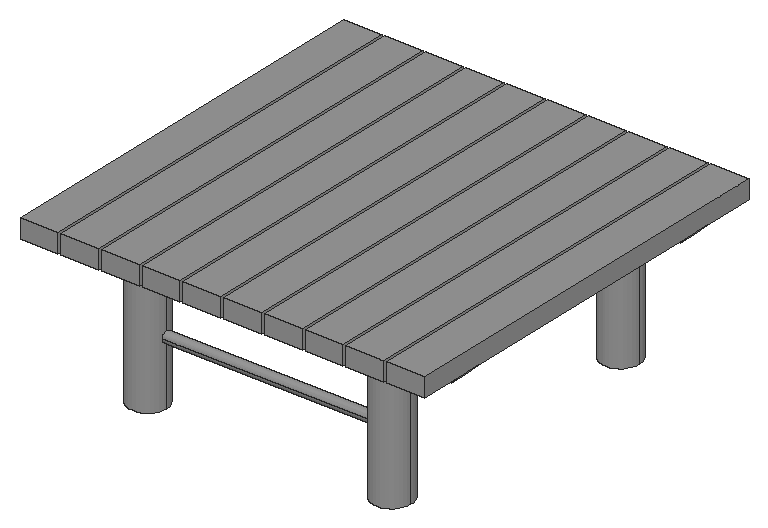
Revit family "13284 Столик «Eco lounge» Хоббика", category Антураж, Revit 2018
Family settings
  На основе рабочей плоскости = Нет
  Всегда вертикально = Да
  При загрузке вырезать с полостями = Нет
  Источник визуального образа = Геометрия семейства
  Общий = Нет
  Точка расчета площади = Нет
Parameters (values of type "Версия лиственница")
  Ширина = 750 mm  # constant formula
  Цвет отделки = Ангарская сосна
  Описание = if(Версия ангарская сосна, "Столик «Eco lounge». Версия ангарская сосна", "Столик «Eco lounge». Версия лиственница")  # "Столик «Eco lounge». Версия лиственница"
  Материал изделия = "Дерево"  # constant formula
  Изображение типоразмера = Столик «Eco lounge» Арт 13284.jpg
  Изготовитель = "ООО «Хоббика»"  # constant formula
  Длина = 750 mm  # constant formula
  Группа модели = "Мебель для дома и террас"  # constant formula
  Высота = 300 mm  # constant formula
  Версия лиственница = not(Версия ангарская сосна)  # yes
  Версия ангарская сосна = no
  Артикул товара = "Арт. 13284"  # constant formula
  URL = "https://hobbyka.ru/product/stolik_eco_lounge"
Types (3, lengths in mm): name | Описание | Версия лиственница | Версия ангарская сосна
  (no name) | "Столик «Eco lounge». Версия лиственница" | yes | no
  Версия ангарская сосна | "Столик «Eco lounge». Версия ангарская сосна" | no | yes
  Версия лиственница | "Столик «Eco lounge». Версия лиственница" | yes | no
Reference planes
  plane 1 "По центру (Вперед/Назад)": y = 0
  plane 2: z = 0
  plane 3 "По центру (Влево/Вправо)": x = 0
  plane 4: x = 750
  plane 5: y = 750
  plane 6: z = 300
Forms (mm)
  Extrusion 1, solid, material "Ангарская сосна" <- "Цвет отделки"
    sketch origin (0, 0, 0) x (1, 0, 0) y (0, 1, 0)
      loop
        line (0, 750) -> (0, 0) -> (70, 0) -> (70, 750) -> (0, 750)
    from 265 to 300
  Extrusion 2, solid, material "Ангарская сосна" <- "Цвет отделки"
    sketch origin (680, 0, 0) x (1, 0, 0) y (0, 1, 0)
      loop
        line (0, 750) -> (0, 0) -> (70, 0) -> (70, 750) -> (0, 750)
    from 265 to 300
  Extrusion 3, solid, material "Ангарская сосна" <- "Цвет отделки"
    sketch origin (75.556, 0, 0) x (1, 0, 0) y (0, 1, 0)
      loop
        line (0, 750) -> (0, 0) -> (70, 0) -> (70, 750) -> (0, 750)
    from 265 to 300
  Extrusion 4, solid, material "Ангарская сосна" <- "Цвет отделки"
    sketch origin (151.111, 0, 0) x (1, 0, 0) y (0, 1, 0)
      loop
        line (0, 750) -> (0, 0) -> (70, 0) -> (70, 750) -> (0, 750)
    from 265 to 300
  Extrusion 5, solid, material "Ангарская сосна" <- "Цвет отделки"
    sketch origin (226.667, 0, 0) x (1, 0, 0) y (0, 1, 0)
      loop
        line (0, 750) -> (0, 0) -> (70, 0) -> (70, 750) -> (0, 750)
    from 265 to 300
  Extrusion 6, solid, material "Ангарская сосна" <- "Цвет отделки"
    sketch origin (302.222, 0, 0) x (1, 0, 0) y (0, 1, 0)
      loop
        line (0, 750) -> (0, 0) -> (70, 0) -> (70, 750) -> (0, 750)
    from 265 to 300
  Extrusion 7, solid, material "Ангарская сосна" <- "Цвет отделки"
    sketch origin (377.778, 0, 0) x (1, 0, 0) y (0, 1, 0)
      loop
        line (0, 750) -> (0, 0) -> (70, 0) -> (70, 750) -> (0, 750)
    from 265 to 300
  Extrusion 8, solid, material "Ангарская сосна" <- "Цвет отделки"
    sketch origin (453.333, 0, 0) x (1, 0, 0) y (0, 1, 0)
      loop
        line (0, 750) -> (0, 0) -> (70, 0) -> (70, 750) -> (0, 750)
    from 265 to 300
  Extrusion 9, solid, material "Ангарская сосна" <- "Цвет отделки"
    sketch origin (528.889, 0, 0) x (1, 0, 0) y (0, 1, 0)
      loop
        line (0, 750) -> (0, 0) -> (70, 0) -> (70, 750) -> (0, 750)
    from 265 to 300
  Extrusion 10, solid, material "Ангарская сосна" <- "Цвет отделки"
    sketch origin (604.444, 0, 0) x (1, 0, 0) y (0, 1, 0)
      loop
        line (0, 750) -> (0, 0) -> (70, 0) -> (70, 750) -> (0, 750)
    from 265 to 300
  Extrusion 11, solid, material "Ангарская сосна" <- "Цвет отделки"
    sketch origin (0, 0, 0) x (1, 0, 0) y (0, 0, 1)
      loop
        line (25, 240) -> (725, 240) -> (750, 265) -> (0, 265) -> (25, 240)
    from -125.073 to -95.073
  Extrusion 12, solid, material "Ангарская сосна" <- "Цвет отделки"
    sketch origin (0, 0, 0) x (1, 0, 0) y (0, 0, 1)
      loop
        line (25, 240) -> (725, 240) -> (750, 265) -> (0, 265) -> (25, 240)
    from -655 to -625
  Extrusion 13, solid, material "Ангарская сосна" <- "Цвет отделки"
    sketch origin (0, 0, 0) x (1, 0, 0) y (0, 1, 0)
      loop
        circle (148.333, 640) r 35
      loop
        circle (148.333, 110.073) r 35
      loop
        circle (601.667, 640) r 35
      loop
        circle (601.667, 110.073) r 35
    from 0 to 265
  Extrusion 14, solid, material "Ангарская сосна" <- "Цвет отделки"
    sketch origin (0, 0, 0) x (0, 1, 0) y (0, 0, 1)
      loop
        circle (110.073, 120) r 10
      loop
        circle (640, 120) r 10
    from 148.333 to 601.667
Cuts and joins
  joined: Extrusion 11, Extrusion 12, Extrusion 13, Extrusion 14
Dimensions and locks
  "Длина": plane 3 "По центру (Влево/Вправо)" to plane 4
  "Ширина": plane 5 to plane 1 "По центру (Вперед/Назад)"
  "Высота": plane 6 to plane 2
  aligned and locked: level to plane 2
Automatic sketch dimensions
  Extrusion 1 sketch curve to Extrusion 1 sketch curve = 70 mm
  Extrusion 1 sketch curve to Extrusion 1 sketch curve = 750 mm
  Extrusion 2 sketch curve to Extrusion 2 sketch curve = 70 mm
  Extrusion 2 sketch curve to Extrusion 2 sketch curve = 750 mm
  Extrusion 3 sketch curve to Extrusion 3 sketch curve = 70 mm
  Extrusion 3 sketch curve to Extrusion 3 sketch curve = 750 mm
  Extrusion 4 sketch curve to Extrusion 4 sketch curve = 70 mm
  Extrusion 4 sketch curve to Extrusion 4 sketch curve = 750 mm
  Extrusion 5 sketch curve to Extrusion 5 sketch curve = 70 mm
  Extrusion 5 sketch curve to Extrusion 5 sketch curve = 750 mm
  Extrusion 6 sketch curve to Extrusion 6 sketch curve = 70 mm
  Extrusion 6 sketch curve to Extrusion 6 sketch curve = 750 mm
  Extrusion 7 sketch curve to Extrusion 7 sketch curve = 70 mm
  Extrusion 7 sketch curve to Extrusion 7 sketch curve = 750 mm
  Extrusion 8 sketch curve to Extrusion 8 sketch curve = 70 mm
  Extrusion 8 sketch curve to Extrusion 8 sketch curve = 750 mm
  Extrusion 9 sketch curve to Extrusion 9 sketch curve = 70 mm
  Extrusion 9 sketch curve to Extrusion 9 sketch curve = 750 mm
  Extrusion 10 sketch curve to Extrusion 10 sketch curve = 70 mm
  Extrusion 10 sketch curve to Extrusion 10 sketch curve = 750 mm
  Extrusion 11 sketch curve to plane 3 "По центру (Влево/Вправо)" = 0 mm
  Extrusion 11 sketch curve to plane 4 = 0 mm
  plane 3 "По центру (Влево/Вправо)" to Extrusion 11 sketch curve = 25 mm
  Extrusion 11 sketch curve to plane 4 = 25 mm
  Extrusion 11 sketch curve to plane 6 = 60 mm
  Extrusion 11 sketch curve to plane 6 = 35 mm
  Extrusion 12 sketch curve to plane 3 "По центру (Влево/Вправо)" = 0 mm
  Extrusion 12 sketch curve to plane 4 = 0 mm
  plane 3 "По центру (Влево/Вправо)" to Extrusion 12 sketch curve = 25 mm
  Extrusion 12 sketch curve to plane 4 = 25 mm
  Extrusion 12 sketch curve to plane 6 = 60 mm
  Extrusion 12 sketch curve to plane 6 = 35 mm
  plane 3 "По центру (Влево/Вправо)" to Extrusion 13 sketch curve = 148.333 mm  (x2)
  Extrusion 13 sketch curve to plane 4 = 148.333 mm  (x2)
  Extrusion 13 sketch curve to plane 1 "По центру (Вперед/Назад)" = 110.073 mm  (x2)
  Extrusion 13 sketch curve to plane 5 = 110 mm  (x2)
  Extrusion 14 sketch curve to plane 1 "По центру (Вперед/Назад)" = 110.073 mm
  Extrusion 14 sketch curve to plane 5 = 110 mm
  level to Extrusion 14 sketch curve = 120 mm  (x2)
  plane 1 "По центру (Вперед/Назад)" to Extrusion 1 sketch curve = 0 mm
  Extrusion 1 sketch curve to plane 3 "По центру (Влево/Вправо)" = 0 mm
  plane 1 "По центру (Вперед/Назад)" to Extrusion 2 sketch curve = 0 mm
  Extrusion 2 sketch curve to plane 4 = 0 mm
  plane 1 "По центру (Вперед/Назад)" to Extrusion 3 sketch curve = 0 mm
  plane 3 "По центру (Влево/Вправо)" to Extrusion 3 sketch curve = 75.556 mm
  plane 1 "По центру (Вперед/Назад)" to Extrusion 4 sketch curve = 0 mm
  plane 3 "По центру (Влево/Вправо)" to Extrusion 4 sketch curve = 151.111 mm
  plane 1 "По центру (Вперед/Назад)" to Extrusion 5 sketch curve = 0 mm
  plane 3 "По центру (Влево/Вправо)" to Extrusion 5 sketch curve = 226.667 mm
  plane 1 "По центру (Вперед/Назад)" to Extrusion 6 sketch curve = 0 mm
  plane 3 "По центру (Влево/Вправо)" to Extrusion 6 sketch curve = 302.222 mm
  plane 1 "По центру (Вперед/Назад)" to Extrusion 7 sketch curve = 0 mm
  Extrusion 7 sketch curve to plane 4 = 372.222 mm
  plane 1 "По центру (Вперед/Назад)" to Extrusion 8 sketch curve = 0 mm
  Extrusion 8 sketch curve to plane 4 = 296.667 mm
  plane 1 "По центру (Вперед/Назад)" to Extrusion 9 sketch curve = 0 mm
  Extrusion 9 sketch curve to plane 4 = 221.111 mm
  plane 1 "По центру (Вперед/Назад)" to Extrusion 10 sketch curve = 0 mm
  Extrusion 10 sketch curve to plane 4 = 145.556 mm
  radius of Extrusion 13 sketch curve = 35 mm  (x4)
  radius of Extrusion 14 sketch curve = 10 mm  (x2)
